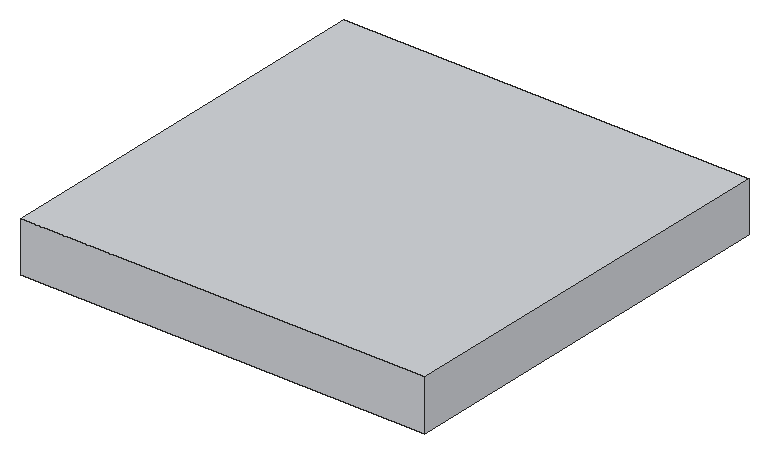
Revit family "05-2759-05-05", category Luminarias, Revit 2017
Family settings
  Anfitrión = Cara
  Cota de conector redondo = Diámetro de uso
  Tipo de pieza = Normal
  Número OmniClass = 23.80.70.00
  Título OmniClass = Lighting
  Corte con vacíos al cargar = No
  Origen de luz = No
  Compartido = Sí
  Punto de cálculo de habitación = No
Parameters (values of type "05-2759-05-05")
  Versión = "v1"
  Vatios (W) = 1000
  Tipo de regulación = ""
  Tipo = "Aplique"
  Tender text (English) = "LEDS C4\nPipe Wall Fixture\n05-2759-05-05\n\nWall light for indoor use. \n\nFor uplighting and downlighting. Ideal deco-tech compositions. Minimalist design. Highly versatile, multiple installations. Highly customisable: accessories, finishes… Optimum price-performance. Optimum visual comfort. Embedded/surface mounted double installation. Easy instalation. Full collection with complementary products. High durability for intensive use. Structure material: Aluminium, Steel. Structure finish: Black. Warranty: 5 Years.\n\nProduct net weight (Kg): 0.550\nProduct width or diameter (mm): 68\nProduct height (mm): 200\nProduct aperture (mm): 85\n\nClass 1. Glow wire test: 850. IP: IP23. GU10. No. of lampholders or LEDs: 2. Maximum power of light source: 50W. Total power: 1000."
  Tender text (Castellano) = "LEDS C4\nPipe Wall Fixture\n05-2759-05-05\n\nAplique de uso interior para iluminar hacia arriba y hacia abajo \n\nIdeal composiciones deco-tech. Diseño minimalista. Muy versátil. Múltiples instalaciones. Muy customizable: accesorios, acabados… Òptimo precio-rendimiento. Òptimo confort visual. Doble instalación empotrado/superficie. Fácil instalación. Colección completa con productos complementarios. Alta durabilidad para uso intensivo. Material estructura: Aluminio, Acero. Acabado estructura: Negro. Garantía: 5 Años.\n\nPeso neto del producto (Kg): 0.550\nAnchura o diámetro del producto (mm): 68\nAltura del producto (mm): 200\nSalida del producto (mm): 85\n\nClase 1. Prueba hilo incandescente: 850. IP: IP23. GU10. Nº de portalámparas o Leds: 2. Potencia máxima de la fuente de luz: 50W. Potencia total: 1000."
  Temperatura color led (K) = ""
  Referencia = "05-2759-05-05"
  Rayo de luz = ""
  Producto descatalogado = "Catalogado ES"
  Pluma comercial = "http://files.leds-c4.com/pl/05-2759-05-05.html"
  Peso neto (KG) = 0.55
  Material = "Aluminio, Acero"
  Lumenes reales (lm) = 0
  LDT = "http://files.leds-c4.com/ldt/05-2759-05-05.html"
  Imagen web = "http://files.leds-c4.com/main-photo/05-2759-05-05"
  IfcExportType = "NOTDEFINED"
  IfcExportAs = "IfcLightFixture\r\nIfcLightFixture"
  IP = "IP23"
  IMC = "http://files.leds-c4.com/imc/05-2759-05-05.html"
  IK = ""
  Fuente de luz = ""
  Fotometría = "http://files.leds-c4.com/fm/05-2759-05-05.html"
  Ficha = "http://files.leds-c4.com/ft/es/05-2759-05-05.html"
  FechaVersion = "Julio 2020"
  Familia = "Pipe Wall Fixture"
  Fabricante = "LEDS C4"
  Etiqueta V/f = "220-240V/50-60Hz"
  Elevación por defecto = 1000 mm
  Eficiencia energética = "NO BULB"
  EAN13 = "8435526847389"
  DescripcionUniformat2010 = "Lighting"
  DescripcionUniclass2015 = "Lighting"
  DescripcionOmniclass = "Lighting"
  DescripcionGubimclass = "Iluminación interior"
  CodigoUniformat2010 = "D5040"
  CodigoUniclass2015 = "EF_70_80"
  CodigoOmniclass = "21-04 50 40"
  CodigoGubimclass = "50.60.50.20"
  Catálogo = "Decorative"
  Carga aparente = 0 VA
  CRI = 0
  Acabado = "Negro"
Values of the unnamed type that differ from the named types
  Vatios (W) = 0
  Tipo = ""
  Tender text (English) = ""
  Tender text (Castellano) = ""
  Referencia = ""
  Producto descatalogado = ""
  Pluma comercial = ""
  Peso neto (KG) = 0
  Material = ""
  LDT = ""
  Imagen web = ""
  IP = ""
  IMC = ""
  Fotometría = ""
  Ficha = ""
  Familia = ""
  Etiqueta V/f = ""
  Eficiencia energética = ""
  EAN13 = ""
  Catálogo = ""
  Acabado = ""
Reference planes
  plane 1 "Centro (Frontal/Posterior)": y = 0
  plane 2: z = 0
  plane 3 "Centro (Izquierda/Derecha)": x = 0
  plane 4 "Elevación de origen de luz": z = 0
  plane 5 "Eje de origen de luz (F/P)": y = 0
  plane 6 "Eje de origen de luz (I/D)": x = 0
Forms (mm)
  Extrusion 1, solid
    sketch origin (0, 0, 0) x (1, 0, 0) y (0, 1, 0)
      loop
        line (-1219.2, 1219.2) -> (-1219.2, -1219.2) -> (1219.2, -1219.2) -> (1219.2, 1219.2) -> (-1219.2, 1219.2)
    from 0 to -304.8
Dimensions and locks
  aligned and locked: plane 2 to Extrusion 1
  aligned and locked: level to Extrusion 1
Nested families
  nested 1: "Luz anidada" at (-0.953, 0, 107.062), type "Tipo1"
Connectors
  electrical at (0, 0, 0)
    settings: on Extrusion 1, index 1, voltage 0 V, apparent load 0 VA, apparent load phase1 0 VA, apparent load phase2 0 VA, apparent load phase3 0 VA, power factor 1, load classification "Otro", number of poles 1, system type 31, power factor state 1, is connector primary yes, connector utility no, sub classification motor no, connector description ""
Definition of nested family "Luz anidada"
  Parameters (values of type "Tipo1")
    Tilt Angle = 0.00°
    Wattage = 1000 W
    Tipo de regulación = ""
    Tipo = ""
    Tender text = ""
    built-in parameter 1150110 = 1 (stored number, unit not read)
    Pluma comercial = ""
    Material = ""
    Imagen = ""
    IP = ""
    IMC = ""
    IK = ""
    Fotometría = ""
    Ficha = ""
    Familia = ""
    Estado en catálogo = ""
    Peso neto = ""
    Lamp = ""
    built-in parameter 1114217 = 1 (stored number, unit not read)
    built-in parameter 1150109 = 1 (stored number, unit not read)
    Etiqueta vf = ""
    Eficiencia energética = ""
    EAN13 = ""
    built-in parameter 1150134 = (empty or 0)
    built-in parameter 1150113 = 1 (stored number, unit not read)
    Lumens = 2391 lm
    built-in parameter 1150115 = 1 (stored number, unit not read)
    built-in parameter 1150105 = 109.82 (stored number, unit not read)
    built-in parameter 1150137 = (empty or 0)
    built-in parameter 1150139 = (empty or 0)
    built-in parameter 1150112 = 1 (stored number, unit not read)
    built-in parameter 1150114 = 1 (stored number, unit not read)
    built-in parameter 1150132 = (empty or 0)
    built-in parameter 1150102 = (empty or 0)
    built-in parameter 1150138 = (empty or 0)
    built-in parameter 1150107 = 3000 (stored number, unit not read)
    built-in parameter 1150106 = 1.0982 (stored number, unit not read)
    built-in parameter 1150104 = 4.6452 (stored number, unit not read)
    Catálogo = ""
    Dimming Lamp Color Temperature Shift = (empty or 0)
    Color Filter = 16777215
    built-in parameter 1114218 = 1 (stored number, unit not read)
    CRI = 0
    Photometric Web File = "05-2759-05-05.ies"
    Acabado = ""
    built-in parameter 1150133 = 10 (stored number, unit not read)
  Values of the unnamed type that differ from the named types
    Wattage = 62 W
    built-in parameter 1150104 = 0.959 (stored number, unit not read)
  Reference planes
    plane 1 "Eje de origen de luz (F/P)": y = 0
    plane 2: z = 0
    plane 3 "Eje de origen de luz (I/D)": x = 0
    plane 4 "Elevación de origen de luz": z = 0
  Dimensions and locks
    aligned and locked: plane 3 "Eje de origen de luz (I/D)" to imposter light
    aligned and locked: plane 1 "Eje de origen de luz (F/P)" to imposter light
    aligned and locked: plane 4 "Elevación de origen de luz" to imposter light
    aligned and locked: level to plane 2
